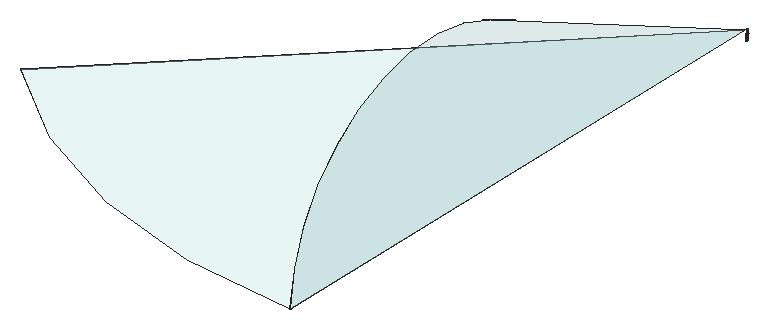
Revit family "Rotor 5000 Series - 5004FC", category Acessórios do tubo, Revit 2020
Family settings
  Cota do conector redondo = Utilizar diâmetro
  Tipo de parte = Normal
  Número OmniClass = 23.60.30.11.14
  Título OmniClass = Pipework Fittings
  Com base no plano de trabalho = Não
  Sempre na vertical = Sim
  Corte com vazios quando carregada = Não
  Compartilhado = Não
Parameters (values of type "Rain Curtain 6.0")
  Water = Water
  URL = "https://www.rainbird.com/"
  TABLE 65 = "TABLE 65psi"
  TABLE 55 75 = "TABLE 55 75psi"
  TABLE 55 = "TABLE 55psi"
  TABLE 45 = "TABLE 45psi"
  TABLE 35 = "TABLE 35psi"
  TABLE 25 = "TABLE 25psi"
  SupportProjetos: Reviw Date = ""  # constant formula
  SupportProjetos: Reviw = "R00"  # constant formula
  SupportProjetos: Level of Detail = "LOD 300"  # constant formula
  SupportProjetos: Developed = "MICHEL SOARES MOTA"  # constant formula
  SupportProjetos: Creation Date = "07/08/2020"  # constant formula
  Side inlet = no
  Rotation Water Visibility [instance] = Pop up on  # yes
  Rotation Angle [instance] = 45.00°
  RainBird: Product Link = "https://www.rainbird.com/"
  RainBird: Description = "5004FC Rotor "  # constant formula
  RainBird: Comment [instance] = ""
  RainBird: Code = "Y54017"  # constant formula
  Radius [instance] = if(and(Pressure = 25.0 psi, Instance < 25 ft), size_lookup(TABLE 25, "Radius", 0 ft, Instance), if(and(Pressure = 35.0 psi, Instance < 25 ft), size_lookup(TABLE 35, "Radius", 0 ft, Instance), if(and(Pressure = 45.0 psi, Instance < 25 ft), size_lookup(TABLE 45, "Radius", 0 ft, Instance), if(and(Pressure = 55.0 psi, Instance < 13 ft), size_lookup(TABLE 55, "Radius", 0 ft, Instance), if(and(Pressure = 65.0 psi, Instance < 13 ft), size_lookup(TABLE 65, "Radius", 0 ft, Instance), if(and(Pressure > 55.0 psi, Instance > 13 ft), size_lookup(TABLE 55 75, "Radius", 0 ft, Instance), 0 ft))))))  # 50 ft
  RT = 0.009893 ft
  RN = 0.032808 ft
  R5 = 0.03937 ft
  R4 = 0.04101 ft
  R3 = 0.065617 ft
  R2 = 0.075407 ft
  R1 = 0.032808 ft
  Pressure [instance] = 55.0 psi
  Pop up height = 0.334646 ft
  Pop up on [instance] = yes
  Modelo = "5004FC"  # constant formula
  Instance = 7 ft
  H1 = Body height / 3  # 0.194663 ft
  Flow [instance] = if(and(Pressure = 25.0 psi, Instance < 25 ft), size_lookup(TABLE 25, "Flow", 0.0 GPM, Instance), if(and(Pressure = 35.0 psi, Instance < 25 ft), size_lookup(TABLE 35, "Flow", 0.0 GPM, Instance), if(and(Pressure = 45.0 psi, Instance < 25 ft), size_lookup(TABLE 45, "Flow", 0.0 GPM, Instance), if(and(Pressure = 55.0 psi, Instance < 13 ft), size_lookup(TABLE 55, "Flow", 0.0 GPM, Instance), if(and(Pressure = 65.0 psi, Instance < 13 ft), size_lookup(TABLE 65, "Flow", 0.0 GPM, Instance), if(and(Pressure > 55.0 psi, Instance > 13 ft), size_lookup(TABLE 55 75, "Flow", 0.0 GPM, Instance), 0.0 GPM))))))  # 6.63 GPM
  Fabricante = "Rain Bird"
  Elevação padrão = 0 ft
  Description = RainBird: Description  # "5004FC Rotor "
  DD13 = 0.002625 ft
  DD12 = 0.003937 ft
  DD11 = 0.009897 ft
  DD10 = 0.016404 ft
  DD8 [instance] = if(Pop up on, Pop up height, 0 ft)  # 0.334646 ft
  DD7 = 0.019685 ft
  DD6 [instance] = 0.016404 ft
  DD5 = 0.065617 ft
  DD4 = 0.032808 ft
  DD3 = 0.091048 ft
  DD2 [instance] = 0.024514 ft
  DD9 [instance] = if(Pop up on, Pop up height + 0.049541 ft, 0 ft)  # 0.384186 ft
  DD1 = 0.006562 ft
  Conection = 0.062664 ft  # constant formula
  Body height = 0.58399 ft
  Blue = Blue Plastic
  Black Plastic = Black Plastic
  Angle = 25.00°
Types (25, lengths in ft): name | Rotation Angle | Radius | Pressure | Instance | Flow
  (no name) | 45.00° | 50 | 55.0 psi | 7 | 6.63 GPM
  Rain Curtain 1.5 | 180.00° | 33 | 25.0 psi | 1 | 1.12 GPM
  Rain Curtain 2.0 | 180.00° | 35 | 25.0 psi | 2 | 1.5 GPM
  Rain Curtain 3.0 | 180.00° | 36 | 25.0 psi | 4 | 2.26 GPM
  Rain Curtain 4.0 | 180.00° | 36 | 25.0 psi | 5 | 2.91 GPM
  Rain Curtain 5.0 | 180.00° | 37 | 25.0 psi | 6 | 3.72 GPM
  Rain Curtain 6.0 | 45.00° | 50 | 55.0 psi | 7 | 6.63 GPM
  Rain Curtain 8.0 | 180.00° | 33 | 25.0 psi | 8 | 5.9 GPM
  Rain Curtain 2.5 | 180.00° | 35 | 25.0 psi | 3 | 1.81 GPM
  1.0 LA | 180.00° | 25 | 25.0 psi | 9 | 0.76 GPM
  1.5 LA | 180.00° | 27 | 25.0 psi | 10 | 1.15 GPM
  2.0 LA | 180.00° | 29 | 25.0 psi | 11 | 1.47 GPM
  3.0 LA | 180.00° | 29 | 25.0 psi | 12 | 2.23 GPM
  PRS Rain Curtain 1.5 | 180.00° | 33 | 25.0 psi | 13 | 1.12 GPM
  PRS Rain Curtain 2.0 | 180.00° | 35 | 25.0 psi | 14 | 1.5 GPM
  PRS Rain Curtain 2.5 | 180.00° | 35 | 25.0 psi | 15 | 1.81 GPM
  PRS Rain Curtain 3.0 | 180.00° | 36 | 25.0 psi | 16 | 2.26 GPM
  PRS Rain Curtain 4.0 | 180.00° | 36 | 25.0 psi | 17 | 2.91 GPM
  PRS Rain Curtain 5.0 | 180.00° | 37 | 25.0 psi | 18 | 3.72 GPM
  PRS Rain Curtain 6.0 | 180.00° | 37 | 25.0 psi | 19 | 4.25 GPM
  PRS Rain Curtain 8.0 | 180.00° | 33 | 25.0 psi | 20 | 5.9 GPM
  PRS 1.0 LA | 180.00° | 25 | 25.0 psi | 21 | 0.76 GPM
  PRS 1.5 LA | 180.00° | 27 | 25.0 psi | 22 | 1.15 GPM
  PRS 2.0 LA | 180.00° | 29 | 25.0 psi | 23 | 1.47 GPM
  PRS 3.0 LA | 180.00° | 29 | 25.0 psi | 24 | 2.23 GPM
Reference planes (ft)
  plane 1 "Centro (Frente/Trás)": y = 0
  plane 2: z = 0
  plane 3 "Centro (Esquerda/Direita)": x = 0
  plane 4: z = 0.003937
  plane 5: z = 0.002625
  plane 6: y = -0.065617
Forms (ft)
  Revolve 1, solid, material "Black Plastic" <- "Black Plastic"
    sketch origin (0, 0, 0) x (1, 0, 0) y (0, 0, 1)
      loop
        line (0.075407, -0.091048) -> (0.075407, -0.035324)
        arc (0.075407, -0.035324) -> (0.072509, -0.028329) -> (0.065514, -0.025431) r 0.009893
        line (0.065514, -0.025431) -> (0.046098, -0.025431) -> (0.046098, 0) -> (0.03937, 0) -> (0.03937, -0.334646) -> (0.019685, -0.334646) -> (0.019685, -0.577428) -> (0.032808, -0.577428) -> (0.032808, -0.58399) -> (0.04101, -0.58399) -> (0.04101, -0.577428) -> (0.055724, -0.577428)
        arc (0.055724, -0.577428) -> (0.062719, -0.57453) -> (0.065617, -0.567535) r 0.009893
        line (0.065617, -0.567535) -> (0.065617, -0.091048) -> (0.075407, -0.091048)
      axis (0, -0.58399) -> (0, 0)
    angle from 0 to 360
  Extrusion 2, solid, material "Black Plastic" <- "Black Plastic"
    sketch origin (0, 0, 0) x (1, 0, 0) y (0, 1, 0)
      loop
        circle (0, 0) r 0.032808
    from -0.334646 to 0.334646
  Extrusion 3, void
    sketch origin (0, 0, 0) x (1, 0, 0) y (0, 1, 0)
      loop
        circle (0, 0) r 0.022844
    from -0.334646 to 0.334646
  Revolve 4, solid, material "Black Plastic" <- "Black Plastic"
    sketch origin (0, 0, 0) x (1, 0, 0) y (0, 0, 1)
      loop
        line (0, 0.334646) -> (0.037004, 0.334646) -> (0.037004, 0.344543)
        arc (0.037004, 0.344543) -> (0.01879, 0.349436) -> (0, 0.35105) r 0.10685
        line (0, 0.35105) -> (0, 0.334646)
      axis (0, 0.334646) -> (0, 0.35105)
    angle from 0 to 360
  Extrusion 5, solid, material "Blue Plastic" <- "Blue"
    sketch origin (0, 0, 0) x (1, 0, 0) y (0, 0, 1)
      loop
        circle (0, 0.310131) r 0.009129
      loop
        circle (0, 0.310131) r 0.004793
    from 0 to 0.034386
  Extrusion 6, void
    sketch origin (0, 0, 0) x (1, 0, 0) y (0, 0, 1)
      loop
        line (-0.02074, 0.328055) -> (-0.02074, 0.282426) -> (0.020672, 0.282426) -> (0.020672, 0.328055) -> (-0.02074, 0.328055)
      loop
        line (-0.018439, 0.325179) -> (-0.018439, 0.285685) -> (0.018179, 0.285685) -> (0.018179, 0.325179) -> (-0.018439, 0.325179)
    from 0.024556 to 0.06931
  Extrusion 7, solid, material "Black Plastic" <- "Black Plastic"
    sketch origin (0, 0, 0) x (1, 0, 0) y (0, 0, 1)
      loop
        line (0.046098, 0) -> (0.046098, -0.036876) -> (0.073493, -0.036876) -> (0.046098, 0)
    from -0.002998 to 0.002998
  Extrusion 8, solid, material "Black Plastic" <- "Black Plastic"
    sketch origin (0, 0, 0) x (-1, 0, 0) y (0, 0, -1)
      loop
        line (0.046098, 0) -> (0.073493, 0.036876) -> (0.046098, 0.036876) -> (0.046098, 0)
    from -0.002998 to 0.002998
  Extrusion 9, solid, material "Black Plastic" <- "Black Plastic"
    sketch origin (0, 0, 0) x (0.866025, 0.5, 0) y (0, 0, 1)
      loop
        line (0.046098, 0) -> (0.046098, -0.036876) -> (0.073493, -0.036876) -> (0.046098, 0)
    from -0.002998 to 0.002998
  Extrusion 10, solid, material "Black Plastic" <- "Black Plastic"
    sketch origin (0, 0, 0) x (-0.866025, -0.5, 0) y (0, 0, -1)
      loop
        line (0.046098, 0) -> (0.073493, 0.036876) -> (0.046098, 0.036876) -> (0.046098, 0)
    from -0.002998 to 0.002998
  Extrusion 11, solid, material "Black Plastic" <- "Black Plastic"
    sketch origin (0, 0, 0) x (0, 1, 0) y (0, 0, 1)
      loop
        line (0.046098, 0) -> (0.046098, -0.036876) -> (0.073493, -0.036876) -> (0.046098, 0)
    from -0.002998 to 0.002998
  Extrusion 12, solid, material "Black Plastic" <- "Black Plastic"
    sketch origin (0, 0, 0) x (0, -1, 0) y (0, 0, -1)
      loop
        line (0.046098, 0) -> (0.073493, 0.036876) -> (0.046098, 0.036876) -> (0.046098, 0)
    from -0.002998 to 0.002998
  Extrusion 13, solid, material "Black Plastic" <- "Black Plastic"
    sketch origin (0, 0, 0) x (0.5, 0.866025, 0) y (0, 0, 1)
      loop
        line (0.046098, 0) -> (0.046098, -0.036876) -> (0.073493, -0.036876) -> (0.046098, 0)
    from -0.002998 to 0.002998
  Extrusion 14, solid, material "Black Plastic" <- "Black Plastic"
    sketch origin (0, 0, 0) x (-0.5, -0.866025, 0) y (0, 0, -1)
      loop
        line (0.046098, 0) -> (0.073493, 0.036876) -> (0.046098, 0.036876) -> (0.046098, 0)
    from -0.002998 to 0.002998
  Extrusion 15, solid, material "Black Plastic" <- "Black Plastic"
    sketch origin (0, 0, 0) x (-0.5, 0.866025, 0) y (0, 0, 1)
      loop
        line (0.046098, 0) -> (0.046098, -0.036876) -> (0.073493, -0.036876) -> (0.046098, 0)
    from -0.002998 to 0.002998
  Extrusion 16, solid, material "Black Plastic" <- "Black Plastic"
    sketch origin (0, 0, 0) x (0.5, -0.866025, 0) y (0, 0, -1)
      loop
        line (0.046098, 0) -> (0.073493, 0.036876) -> (0.046098, 0.036876) -> (0.046098, 0)
    from -0.002998 to 0.002998
  Extrusion 17, solid, material "Black Plastic" <- "Black Plastic"
    sketch origin (0, 0, 0) x (-0.866025, 0.5, 0) y (0, 0, 1)
      loop
        line (0.046098, 0) -> (0.046098, -0.036876) -> (0.073493, -0.036876) -> (0.046098, 0)
    from -0.002998 to 0.002998
  Extrusion 18, solid, material "Black Plastic" <- "Black Plastic"
    sketch origin (0, 0, 0) x (0.866025, -0.5, 0) y (0, 0, -1)
      loop
        line (0.046098, 0) -> (0.073493, 0.036876) -> (0.046098, 0.036876) -> (0.046098, 0)
    from -0.002998 to 0.002998
  Extrusion 19, void
    sketch origin (0, 0, 0) x (1, 0, 0) y (0, 1, 0)
      loop
        line (-0.002998, 0.077702) -> (-0.002998, 0.071655) -> (0.002998, 0.071655) -> (0.002998, 0.077702) -> (-0.002998, 0.077702)
    from -0.091048 to 0.82021
  Extrusion 20, void
    sketch origin (0, 0, 0) x (1, 0, 0) y (0, 1, 0)
      loop
        line (0.002998, -0.077702) -> (0.002998, -0.071655) -> (-0.002998, -0.071655) -> (-0.002998, -0.077702) -> (0.002998, -0.077702)
    from -0.091048 to 0.82021
  Extrusion 21, void
    sketch origin (0, 0, 0) x (0.965926, 0.258819, 0) y (-0.258819, 0.965926, 0)
      loop
        line (-0.002998, 0.077702) -> (-0.002998, 0.071655) -> (0.002998, 0.071655) -> (0.002998, 0.077702) -> (-0.002998, 0.077702)
    from -0.091048 to 0.82021
  Extrusion 22, void
    sketch origin (0, 0, 0) x (0.965926, 0.258819, 0) y (-0.258819, 0.965926, 0)
      loop
        line (0.002998, -0.077702) -> (0.002998, -0.071655) -> (-0.002998, -0.071655) -> (-0.002998, -0.077702) -> (0.002998, -0.077702)
    from -0.091048 to 0.82021
  Extrusion 23, void
    sketch origin (0, 0, 0) x (0.866025, 0.5, 0) y (-0.5, 0.866025, 0)
      loop
        line (-0.002998, 0.077702) -> (-0.002998, 0.071655) -> (0.002998, 0.071655) -> (0.002998, 0.077702) -> (-0.002998, 0.077702)
    from -0.091048 to 0.82021
  Extrusion 24, void
    sketch origin (0, 0, 0) x (0.866025, 0.5, 0) y (-0.5, 0.866025, 0)
      loop
        line (0.002998, -0.077702) -> (0.002998, -0.071655) -> (-0.002998, -0.071655) -> (-0.002998, -0.077702) -> (0.002998, -0.077702)
    from -0.091048 to 0.82021
  Extrusion 25, void
    sketch origin (0, 0, 0) x (0.5, 0.866025, 0) y (-0.866025, 0.5, 0)
      loop
        line (-0.002998, 0.077702) -> (-0.002998, 0.071655) -> (0.002998, 0.071655) -> (0.002998, 0.077702) -> (-0.002998, 0.077702)
    from -0.091048 to 0.82021
  Extrusion 26, void
    sketch origin (0, 0, 0) x (0.5, 0.866025, 0) y (-0.866025, 0.5, 0)
      loop
        line (0.002998, -0.077702) -> (0.002998, -0.071655) -> (-0.002998, -0.071655) -> (-0.002998, -0.077702) -> (0.002998, -0.077702)
    from -0.091048 to 0.82021
  Extrusion 27, void
    sketch origin (0, 0, 0) x (0.707107, 0.707107, 0) y (-0.707107, 0.707107, 0)
      loop
        line (-0.002998, 0.077702) -> (-0.002998, 0.071655) -> (0.002998, 0.071655) -> (0.002998, 0.077702) -> (-0.002998, 0.077702)
    from -0.091048 to 0.82021
  Extrusion 28, void
    sketch origin (0, 0, 0) x (0.707107, 0.707107, 0) y (-0.707107, 0.707107, 0)
      loop
        line (0.002998, -0.077702) -> (0.002998, -0.071655) -> (-0.002998, -0.071655) -> (-0.002998, -0.077702) -> (0.002998, -0.077702)
    from -0.091048 to 0.82021
  Extrusion 29, void
    sketch origin (0, 0, 0) x (0.258819, 0.965926, 0) y (-0.965926, 0.258819, 0)
      loop
        line (-0.002998, 0.077702) -> (-0.002998, 0.071655) -> (0.002998, 0.071655) -> (0.002998, 0.077702) -> (-0.002998, 0.077702)
    from -0.091048 to 0.82021
  Extrusion 30, void
    sketch origin (0, 0, 0) x (0.258819, 0.965926, 0) y (-0.965926, 0.258819, 0)
      loop
        line (0.002998, -0.077702) -> (0.002998, -0.071655) -> (-0.002998, -0.071655) -> (-0.002998, -0.077702) -> (0.002998, -0.077702)
    from -0.091048 to 0.82021
  Extrusion 31, void
    sketch origin (0, 0, 0) x (0, 1, 0) y (-1, 0, 0)
      loop
        line (-0.002998, 0.077702) -> (-0.002998, 0.071655) -> (0.002998, 0.071655) -> (0.002998, 0.077702) -> (-0.002998, 0.077702)
    from -0.091048 to 0.82021
  Extrusion 32, void
    sketch origin (0, 0, 0) x (0, 1, 0) y (-1, 0, 0)
      loop
        line (0.002998, -0.077702) -> (0.002998, -0.071655) -> (-0.002998, -0.071655) -> (-0.002998, -0.077702) -> (0.002998, -0.077702)
    from -0.091048 to 0.82021
  Extrusion 33, void
    sketch origin (0, 0, 0) x (-0.258819, 0.965926, 0) y (-0.965926, -0.258819, 0)
      loop
        line (-0.002998, 0.077702) -> (-0.002998, 0.071655) -> (0.002998, 0.071655) -> (0.002998, 0.077702) -> (-0.002998, 0.077702)
    from -0.091048 to 0.82021
  Extrusion 34, void
    sketch origin (0, 0, 0) x (-0.258819, 0.965926, 0) y (-0.965926, -0.258819, 0)
      loop
        line (0.002998, -0.077702) -> (0.002998, -0.071655) -> (-0.002998, -0.071655) -> (-0.002998, -0.077702) -> (0.002998, -0.077702)
    from -0.091048 to 0.82021
  Extrusion 35, void
    sketch origin (0, 0, 0) x (-0.5, 0.866025, 0) y (-0.866025, -0.5, 0)
      loop
        line (-0.002998, 0.077702) -> (-0.002998, 0.071655) -> (0.002998, 0.071655) -> (0.002998, 0.077702) -> (-0.002998, 0.077702)
    from -0.091048 to 0.82021
  Extrusion 36, void
    sketch origin (0, 0, 0) x (-0.5, 0.866025, 0) y (-0.866025, -0.5, 0)
      loop
        line (0.002998, -0.077702) -> (0.002998, -0.071655) -> (-0.002998, -0.071655) -> (-0.002998, -0.077702) -> (0.002998, -0.077702)
    from -0.091048 to 0.82021
  Extrusion 37, void
    sketch origin (0, 0, 0) x (-0.707107, 0.707107, 0) y (-0.707107, -0.707107, 0)
      loop
        line (-0.002998, 0.077702) -> (-0.002998, 0.071655) -> (0.002998, 0.071655) -> (0.002998, 0.077702) -> (-0.002998, 0.077702)
    from -0.091048 to 0.82021
  Extrusion 38, void
    sketch origin (0, 0, 0) x (-0.707107, 0.707107, 0) y (-0.707107, -0.707107, 0)
      loop
        line (0.002998, -0.077702) -> (0.002998, -0.071655) -> (-0.002998, -0.071655) -> (-0.002998, -0.077702) -> (0.002998, -0.077702)
    from -0.091048 to 0.82021
  Extrusion 39, void
    sketch origin (0, 0, 0) x (-0.866025, 0.5, 0) y (-0.5, -0.866025, 0)
      loop
        line (-0.002998, 0.077702) -> (-0.002998, 0.071655) -> (0.002998, 0.071655) -> (0.002998, 0.077702) -> (-0.002998, 0.077702)
    from -0.091048 to 0.82021
  Extrusion 40, void
    sketch origin (0, 0, 0) x (-0.866025, 0.5, 0) y (-0.5, -0.866025, 0)
      loop
        line (0.002998, -0.077702) -> (0.002998, -0.071655) -> (-0.002998, -0.071655) -> (-0.002998, -0.077702) -> (0.002998, -0.077702)
    from -0.091048 to 0.82021
  Extrusion 41, void
    sketch origin (0, 0, 0) x (-0.965926, 0.258819, 0) y (-0.258819, -0.965926, 0)
      loop
        line (-0.002998, 0.077702) -> (-0.002998, 0.071655) -> (0.002998, 0.071655) -> (0.002998, 0.077702) -> (-0.002998, 0.077702)
    from -0.091048 to 0.82021
  Extrusion 42, void
    sketch origin (0, 0, 0) x (-0.965926, 0.258819, 0) y (-0.258819, -0.965926, 0)
      loop
        line (0.002998, -0.077702) -> (0.002998, -0.071655) -> (-0.002998, -0.071655) -> (-0.002998, -0.077702) -> (0.002998, -0.077702)
    from -0.091048 to 0.82021
  Extrusion 43, solid, material "Water" <- "Water", visible <- "Rotation Water Visibility"
    sketch origin (0, 0, 0) x (0, 1, 0) y (0, 0, 1)
      loop
        line (-0.032808, 0.310131) -> (-28.112196, 13.403765)
        arc (-28.112196, 13.403765) -> (-42.542576, 12.666347) -> (-50.032808, 0.310131) r 15.426605
        line (-50.032808, 0.310131) -> (-0.032808, 0.310131)
    from -0.008202 to 0.008202
Cuts and joins
  Extrusion 3, Extrusion 6 cuts Extrusion 2
  Extrusion 19, Extrusion 20, Extrusion 21, Extrusion 22, Extrusion 23, Extrusion 24, Extrusion 25, Extrusion 26, Extrusion 27, Extrusion 28, Extrusion 29, Extrusion 30, Extrusion 31, Extrusion 32, Extrusion 33, Extrusion 34, Extrusion 35, Extrusion 36, Extrusion 37, Extrusion 38, Extrusion 39, Extrusion 40, Extrusion 41, Extrusion 42 cuts Revolve 1
Dimensions and locks (ft)
  "Body height": level to Revolve 1 sketch curve
  "R2": Revolve 1 sketch curve to plane 3 "Centro (Esquerda/Direita)"
  "DD1": Revolve 1 sketch curve to Revolve 1 sketch curve
  "DD3": level to Revolve 1 sketch curve
  Revolve 1 sketch curve to plane 3 "Centro (Esquerda/Direita)" = 0.065617 ft
  "R4": Revolve 1 sketch curve to plane 3 "Centro (Esquerda/Direita)"
  "RN": Revolve 1 sketch curve to plane 3 "Centro (Esquerda/Direita)"
  "Pop up height": level to Revolve 1 sketch curve
  "R5": plane 3 "Centro (Esquerda/Direita)" to Revolve 1 sketch curve
  "DD7": Revolve 1 sketch curve to plane 3 "Centro (Esquerda/Direita)"
  "DD8": Extrusion 2 to level
  "DD12": plane 4 to level
  "DD13": plane 5 to level
  "R3": plane 6 to plane 1 "Centro (Frente/Trás)"
  "DD5": Revolve 1 sketch curve to Revolve 1 sketch curve
  "DD10": Revolve 4 sketch curve to Revolve 4 sketch curve
  "DD11": Revolve 4 sketch curve to Revolve 4 sketch curve
  "DD2": Revolve 4 to Extrusion 5 sketch curve  (x2)
  Extrusion 7 to plane 3 "Centro (Esquerda/Direita)" = 0.046098 ft
  equal spacing: Extrusion 7, plane 1 "Centro (Frente/Trás)", Extrusion 7
  Extrusion 8 to Extrusion 8 = 0.005995 ft
  Extrusion 9 to Extrusion 9 = 0.005995 ft
  Extrusion 20 sketch curve to Extrusion 20 sketch curve = 0.005995 ft
  Extrusion 22 sketch curve to Extrusion 22 sketch curve = 0.005995 ft
  Extrusion 24 sketch curve to Extrusion 24 sketch curve = 0.005995 ft
  Extrusion 26 sketch curve to Extrusion 26 sketch curve = 0.005995 ft
  Extrusion 28 sketch curve to Extrusion 28 sketch curve = 0.005995 ft
  Extrusion 30 sketch curve to Extrusion 30 sketch curve = 0.005995 ft
  Extrusion 32 sketch curve to Extrusion 32 sketch curve = 0.005995 ft
  Extrusion 34 sketch curve to Extrusion 34 sketch curve = 0.005995 ft
  Extrusion 36 sketch curve to Extrusion 36 sketch curve = 0.005995 ft
  Extrusion 38 sketch curve to Extrusion 38 sketch curve = 0.005995 ft
  Extrusion 40 sketch curve to Extrusion 40 sketch curve = 0.005995 ft
  Extrusion 42 sketch curve to Extrusion 42 sketch curve = 0.005995 ft
  "DD4": plane 1 "Centro (Frente/Trás)" to Extrusion 43 sketch curve
  "DD2": Revolve 4 to Extrusion 43 sketch curve
  "Radius": Extrusion 43 sketch curve to Extrusion 43 sketch curve
  equal spacing: Extrusion 43, plane 3 "Centro (Esquerda/Direita)", Extrusion 43
  "DD6": Extrusion 43 to Extrusion 43
  "DD2": Revolve 4 to nested 1
  "RT": radius of Revolve 1 sketch curve  (x2)
  "R1": radius of Extrusion 2 sketch curve
  "Angle": angle Extrusion 43 sketch curve to Extrusion 43 sketch curve
  aligned and locked: level to plane 2
  aligned and locked: Revolve 1 sketch curve to Revolve 1 sketch curve
  aligned and locked: Extrusion 2 to Revolve 1
  aligned and locked: cut or joined group of Extrusion 2, Extrusion 3, Extrusion 6 to cut or joined group of Extrusion 2, Extrusion 3, Extrusion 6  (x2)
  aligned and locked: Revolve 4 sketch curve to cut or joined group of Extrusion 2, Extrusion 3, Extrusion 6
  aligned and locked: Extrusion 20 to Revolve 1
  aligned and locked: Extrusion 22 to Revolve 1
  aligned and locked: Extrusion 24 to Revolve 1
  aligned and locked: Extrusion 28 to Revolve 1
  aligned and locked: Extrusion 26 to Revolve 1
  aligned and locked: Extrusion 30 to Revolve 1
  aligned and locked: Extrusion 32 to Revolve 1
  aligned and locked: Extrusion 34 to Revolve 1
  aligned and locked: Revolve 1 to Extrusion 36
  aligned and locked: Revolve 1 to Extrusion 38
  aligned and locked: Extrusion 41 to Revolve 1
  aligned and locked: Extrusion 39 to Revolve 1
  aligned and locked: Extrusion 37 to Revolve 1
  aligned and locked: Extrusion 35 to Revolve 1
  aligned and locked: Extrusion 33 to Revolve 1
  aligned and locked: Extrusion 31 to Revolve 1
  aligned and locked: Extrusion 29 to Revolve 1
  aligned and locked: Revolve 1 to Extrusion 25
  aligned and locked: Revolve 1 to Extrusion 27
  aligned and locked: Revolve 1 to Extrusion 19
  aligned and locked: Revolve 1 to Extrusion 21
  aligned and locked: Revolve 1 to Extrusion 42
  aligned and locked: Revolve 1 to Extrusion 40
  aligned and locked: Revolve 1 to Extrusion 23
Automatic sketch dimensions
  plane 1 "Centro (Frente/Trás)" to Extrusion 2 sketch curve = 0 ft
  Extrusion 2 sketch curve to plane 3 "Centro (Esquerda/Direita)" = 0 ft
  plane 1 "Centro (Frente/Trás)" to Extrusion 3 sketch curve = 0 ft
  Extrusion 3 sketch curve to plane 3 "Centro (Esquerda/Direita)" = 0 ft
  Revolve 4 sketch curve to plane 3 "Centro (Esquerda/Direita)" = 0 ft  (x2)
  plane 3 "Centro (Esquerda/Direita)" to Revolve 4 sketch curve = 0.000284 ft
  plane 3 "Centro (Esquerda/Direita)" to Revolve 4 sketch curve = 0.037004 ft
  Revolve 4 sketch curve to Revolve 4 sketch curve = 0.015719 ft
  Revolve 4 sketch curve to Revolve 4 sketch curve = 0.114829 ft
  Extrusion 5 sketch curve to Extrusion 5 sketch curve = 0 ft
  Extrusion 5 sketch curve to plane 3 "Centro (Esquerda/Direita)" = 0 ft
  Extrusion 6 sketch curve to plane 3 "Centro (Esquerda/Direita)" = 0.02074 ft
  Extrusion 6 sketch curve to Extrusion 6 sketch curve = 0.002301 ft
  plane 3 "Centro (Esquerda/Direita)" to Extrusion 6 sketch curve = 0.018179 ft
  Extrusion 6 sketch curve to Extrusion 6 sketch curve = 0.002492 ft
  plane 4 to Extrusion 6 sketch curve = 0.278489 ft
  Extrusion 6 sketch curve to Extrusion 6 sketch curve = 0.003259 ft
  Extrusion 6 sketch curve to Extrusion 6 sketch curve = 0.039494 ft
  Extrusion 6 sketch curve to Extrusion 6 sketch curve = 0.002876 ft
  Extrusion 7 sketch curve to level = 0 ft
  plane 3 "Centro (Esquerda/Direita)" to Extrusion 7 sketch curve = 0.046098 ft
  Extrusion 7 sketch curve to Extrusion 7 sketch curve = 0.027396 ft
  Extrusion 7 sketch curve to Extrusion 7 sketch curve = 0.036876 ft
  Extrusion 8 sketch curve to level = 0 ft
  plane 3 "Centro (Esquerda/Direita)" to Extrusion 8 sketch curve = 0.046098 ft
  Extrusion 8 sketch curve to Extrusion 8 sketch curve = 0.027396 ft
  Extrusion 8 sketch curve to Extrusion 8 sketch curve = 0.036876 ft
  Extrusion 9 sketch curve to level = 0 ft
  Extrusion 9 sketch curve to level = 0.036876 ft
  Extrusion 9 sketch curve to Extrusion 9 sketch curve = 0.027396 ft
  Extrusion 10 sketch curve to level = 0 ft
  Extrusion 10 sketch curve to level = 0.036876 ft
  Extrusion 10 sketch curve to Extrusion 10 sketch curve = 0.027396 ft
  Extrusion 11 sketch curve to level = 0 ft
  Extrusion 11 sketch curve to plane 1 "Centro (Frente/Trás)" = 0.046098 ft
  Extrusion 11 sketch curve to Extrusion 11 sketch curve = 0.027396 ft
  Extrusion 11 sketch curve to Extrusion 11 sketch curve = 0.036876 ft
  Extrusion 12 sketch curve to level = 0 ft
  plane 6 to Extrusion 12 sketch curve = 0.019519 ft
  Extrusion 12 sketch curve to plane 6 = 0.007877 ft
  Extrusion 12 sketch curve to level = 0.036876 ft
  Extrusion 13 sketch curve to level = 0 ft
  Extrusion 13 sketch curve to level = 0.036876 ft
  Extrusion 13 sketch curve to Extrusion 13 sketch curve = 0.027396 ft
  Extrusion 14 sketch curve to level = 0 ft
  Extrusion 14 sketch curve to level = 0.036876 ft
  Extrusion 14 sketch curve to Extrusion 14 sketch curve = 0.027396 ft
  level to Extrusion 15 sketch curve = 0 ft
  Extrusion 15 sketch curve to level = 0.036876 ft
  Extrusion 15 sketch curve to Extrusion 15 sketch curve = 0.027396 ft
  level to Extrusion 16 sketch curve = 0 ft
  Extrusion 16 sketch curve to level = 0.036876 ft
  Extrusion 16 sketch curve to Extrusion 16 sketch curve = 0.027396 ft
  level to Extrusion 17 sketch curve = 0 ft
  Extrusion 17 sketch curve to level = 0.036876 ft
  Extrusion 17 sketch curve to Extrusion 17 sketch curve = 0.027396 ft
  level to Extrusion 18 sketch curve = 0 ft
  Extrusion 18 sketch curve to level = 0.036876 ft
  Extrusion 18 sketch curve to Extrusion 18 sketch curve = 0.027396 ft
  Extrusion 19 sketch curve to plane 3 "Centro (Esquerda/Direita)" = 0.002998 ft
  Extrusion 19 sketch curve to plane 1 "Centro (Frente/Trás)" = 0.071655 ft
  Extrusion 19 sketch curve to Extrusion 19 sketch curve = 0.006047 ft
  plane 3 "Centro (Esquerda/Direita)" to Extrusion 20 sketch curve = 0.002998 ft
  plane 6 to Extrusion 20 sketch curve = 0.006038 ft
  Extrusion 20 sketch curve to Extrusion 20 sketch curve = 0.006047 ft
  plane 3 "Centro (Esquerda/Direita)" to Extrusion 19 sketch curve = 0.002998 ft
  Extrusion 21 sketch curve to plane 3 "Centro (Esquerda/Direita)" = 0.021441 ft
  Extrusion 21 sketch curve to plane 1 "Centro (Frente/Trás)" = 0.068438 ft
  Extrusion 21 sketch curve to Extrusion 21 sketch curve = 0.005995 ft
  Extrusion 21 sketch curve to Extrusion 21 sketch curve = 0.006047 ft
  Extrusion 22 sketch curve to plane 6 = 0.010213 ft
  plane 3 "Centro (Esquerda/Direita)" to Extrusion 22 sketch curve = 0.017215 ft
  Extrusion 22 sketch curve to Extrusion 22 sketch curve = 0.006047 ft
  Extrusion 23 sketch curve to plane 3 "Centro (Esquerda/Direita)" = 0.038424 ft
  Extrusion 23 sketch curve to plane 1 "Centro (Frente/Trás)" = 0.060556 ft
  Extrusion 23 sketch curve to Extrusion 23 sketch curve = 0.005995 ft
  Extrusion 23 sketch curve to Extrusion 23 sketch curve = 0.006047 ft
  Extrusion 24 sketch curve to plane 6 = 0.003174 ft
  plane 3 "Centro (Esquerda/Direita)" to Extrusion 24 sketch curve = 0.036255 ft
  Extrusion 24 sketch curve to Extrusion 24 sketch curve = 0.006047 ft
  Extrusion 25 sketch curve to plane 1 "Centro (Frente/Trás)" = 0.033231 ft
  Extrusion 25 sketch curve to plane 3 "Centro (Esquerda/Direita)" = 0.063554 ft
  Extrusion 25 sketch curve to Extrusion 25 sketch curve = 0.005995 ft
  Extrusion 25 sketch curve to Extrusion 25 sketch curve = 0.006047 ft
  Extrusion 26 sketch curve to plane 6 = 0.02417 ft
  Extrusion 26 sketch curve to plane 3 "Centro (Esquerda/Direita)" = 0.065793 ft
  Extrusion 26 sketch curve to Extrusion 26 sketch curve = 0.006047 ft
  Extrusion 27 sketch curve to plane 1 "Centro (Frente/Trás)" = 0.048548 ft
  Extrusion 27 sketch curve to plane 3 "Centro (Esquerda/Direita)" = 0.052787 ft
  Extrusion 27 sketch curve to Extrusion 27 sketch curve = 0.005995 ft
  Extrusion 27 sketch curve to Extrusion 27 sketch curve = 0.006047 ft
  plane 6 to Extrusion 28 sketch curve = 0.008554 ft
  plane 3 "Centro (Esquerda/Direita)" to Extrusion 28 sketch curve = 0.052824 ft
  Extrusion 28 sketch curve to Extrusion 28 sketch curve = 0.006047 ft
  Extrusion 29 sketch curve to plane 1 "Centro (Frente/Trás)" = 0.01565 ft
  Extrusion 29 sketch curve to plane 3 "Centro (Esquerda/Direita)" = 0.069989 ft
  Extrusion 29 sketch curve to Extrusion 29 sketch curve = 0.005995 ft
  Extrusion 29 sketch curve to Extrusion 29 sketch curve = 0.006047 ft
  plane 1 "Centro (Frente/Trás)" to Extrusion 30 sketch curve = 0.023006 ft
  plane 3 "Centro (Esquerda/Direita)" to Extrusion 30 sketch curve = 0.074278 ft
  Extrusion 30 sketch curve to Extrusion 30 sketch curve = 0.006047 ft
  plane 1 "Centro (Frente/Trás)" to Extrusion 31 sketch curve = 0.002998 ft
  Extrusion 31 sketch curve to plane 1 "Centro (Frente/Trás)" = 0.002998 ft
  Extrusion 31 sketch curve to plane 3 "Centro (Esquerda/Direita)" = 0.071655 ft
  Extrusion 31 sketch curve to Extrusion 31 sketch curve = 0.006047 ft
  plane 1 "Centro (Frente/Trás)" to Extrusion 32 sketch curve = 0.002998 ft
  plane 3 "Centro (Esquerda/Direita)" to Extrusion 32 sketch curve = 0.077702 ft
  Extrusion 32 sketch curve to Extrusion 32 sketch curve = 0.006047 ft
  plane 1 "Centro (Frente/Trás)" to Extrusion 33 sketch curve = 0.021441 ft
  Extrusion 33 sketch curve to plane 3 "Centro (Esquerda/Direita)" = 0.068438 ft
  Extrusion 33 sketch curve to Extrusion 33 sketch curve = 0.005995 ft
  Extrusion 33 sketch curve to Extrusion 33 sketch curve = 0.006047 ft
  Extrusion 34 sketch curve to plane 1 "Centro (Frente/Trás)" = 0.017215 ft
  plane 3 "Centro (Esquerda/Direita)" to Extrusion 34 sketch curve = 0.07583 ft
  Extrusion 34 sketch curve to Extrusion 34 sketch curve = 0.006047 ft
  plane 6 to Extrusion 35 sketch curve = 0.027193 ft
  Extrusion 35 sketch curve to plane 3 "Centro (Esquerda/Direita)" = 0.060556 ft
  Extrusion 35 sketch curve to Extrusion 35 sketch curve = 0.005995 ft
  Extrusion 35 sketch curve to Extrusion 35 sketch curve = 0.006047 ft
  Extrusion 36 sketch curve to plane 1 "Centro (Frente/Trás)" = 0.036255 ft
  plane 3 "Centro (Esquerda/Direita)" to Extrusion 36 sketch curve = 0.068791 ft
  Extrusion 36 sketch curve to Extrusion 36 sketch curve = 0.006047 ft
  plane 6 to Extrusion 37 sketch curve = 0.012829 ft
  Extrusion 37 sketch curve to plane 3 "Centro (Esquerda/Direita)" = 0.048548 ft
  Extrusion 37 sketch curve to Extrusion 37 sketch curve = 0.005995 ft
  Extrusion 37 sketch curve to Extrusion 37 sketch curve = 0.006047 ft
  Extrusion 38 sketch curve to plane 1 "Centro (Frente/Trás)" = 0.052824 ft
  plane 3 "Centro (Esquerda/Direita)" to Extrusion 38 sketch curve = 0.057063 ft
  Extrusion 38 sketch curve to Extrusion 38 sketch curve = 0.006047 ft
  plane 6 to Extrusion 39 sketch curve = 0.002063 ft
  Extrusion 39 sketch curve to plane 3 "Centro (Esquerda/Direita)" = 0.033231 ft
  Extrusion 39 sketch curve to Extrusion 39 sketch curve = 0.005995 ft
  Extrusion 39 sketch curve to Extrusion 39 sketch curve = 0.006047 ft
  plane 3 "Centro (Esquerda/Direita)" to Extrusion 40 sketch curve = 0.041447 ft
  Extrusion 40 sketch curve to plane 1 "Centro (Frente/Trás)" = 0.065793 ft
  Extrusion 40 sketch curve to Extrusion 40 sketch curve = 0.006047 ft
  Extrusion 41 sketch curve to plane 6 = 0.004372 ft
  Extrusion 41 sketch curve to plane 3 "Centro (Esquerda/Direita)" = 0.01565 ft
  Extrusion 41 sketch curve to Extrusion 41 sketch curve = 0.005995 ft
  Extrusion 41 sketch curve to Extrusion 41 sketch curve = 0.006047 ft
  plane 3 "Centro (Esquerda/Direita)" to Extrusion 42 sketch curve = 0.023006 ft
  Extrusion 42 sketch curve to plane 1 "Centro (Frente/Trás)" = 0.074278 ft
  Extrusion 42 sketch curve to Extrusion 42 sketch curve = 0.006047 ft
  Revolve 1 sketch curve to plane 3 "Centro (Esquerda/Direita)" = 0 ft
  Revolve 1 sketch curve to level = 0 ft
  Revolve 1 sketch curve to Revolve 1 sketch curve = 0.019416 ft
  plane 4 to Revolve 1 sketch curve = 0.079347 ft
  Revolve 1 sketch curve to Revolve 1 sketch curve = 0.918635 ft
  Extrusion 43 sketch curve to level = 0.577487 ft
  radius of Extrusion 3 sketch curve = 0.022844 ft
  radius of Extrusion 5 sketch curve = 0.009129 ft
  radius of Extrusion 5 sketch curve = 0.004793 ft
Nested families (ft)
  nested 1: "Water" at (0.000015, 0, 0.190873) x (0, -1, 0) z (0, 0, 1), DT9 <- "DD4", Radius <- "Radius", visible <- "Rotation Water Visibility", Rotation Angle <- "Rotation Angle", type "Water"
    with Rotation Angle 45.00°, Radius 50 ft, DT9 0.032808 ft, DT8 0 ft, DT7 200 ft, DT4 250 ft, Angle 2 315.00°
Connectors (ft)
  piping at (0, 0, -0.58399), diameter 2
    settings: on cut or joined group of Revolve 1, Extrusion 19, Extrusion 20, Extrusion 21, Extrusion 22, Extrusion 23, Extrusion 24, Extrusion 25, Extrusion 26, Extrusion 27, Extrusion 28, Extrusion 29, Extrusion 30, Extrusion 31, Extrusion 32, Extrusion 33, Extrusion 34, Extrusion 35, Extrusion 36, Extrusion 37, Extrusion 38, Extrusion 39, Extrusion 40, Extrusion 41, Extrusion 42, index 1, connector inside diameter 609.6 mm, connector length 0 ft, flow factor 0, pipe flow 0.0 GPM, pressure drop 0.0 psi, fitting loss kfactor 0, connector angle 0.00°, fixture units 0, engagement length 0 ft, angle of deflection 0.00°, flow configuration 0, flow direction 0, fitting loss method 0, system type 28, joint type 0, gender type 0, connector reference index -1, connector utility 0, adjustable connector no, is connector primary yes, connector description ""
Definition of nested family "Water"
  Parameters (values of type "Water")
    Water Visibility (Circle) = yes
    Water = none
    URL = ""
    SupportProjetos: Reviw Date = ""  # constant formula
    SupportProjetos: Level of Detail = "LOD 300"  # constant formula
    SupportProjetos: Developed = "MICHEL SOARES MOTA"  # constant formula
    SupportProjetos: Creation Date = "16/07/2020"  # constant formula
    Rotation Angle [instance] = 90.00°
    Reviw = "R00"  # constant formula
    Radius [instance] = 14 ft
    Model = ""
    Default Elevation = 4 ft
    Description = ""
    DT9 [instance] = 0.032808 ft
    DT8 [instance] = if(Rotation Angle = 360.00°, 10 ft, 0 ft)  # 0 ft
    DT7 [instance] = 4 * Radius  # 56 ft
    DT4 [instance] = 5 * Radius  # 70 ft
    DT2 = 0.098425 ft  # constant formula
    DT6 = 0 ft
    Angle 2 [instance] = if(Rotation Angle = 360.00°, 180.00°, 360.00° - Rotation Angle)  # 270.00°
  Reference planes (ft)
    plane 1 "Centro (Frente/Trás)": y = 0
    plane 2: z = 0
    plane 3 "Centro (Esquerda/Direita)": x = 0
  Forms (ft)
    Revolve 1, solid, material <- "Water", visible <- "Water Visibility (Circle)"
      sketch origin (0, 0, 0) x (1, 0, 0) y (0, 0, 1)
        loop
          line (0.032808, 0.098425) -> (14.032808, 0.098425) -> (14.032808, 0.119259) -> (0.032808, 0.119259) -> (0.032808, 0.098425)
        axis (0, 0.098425) -> (0, 0.119259)
      angle from 0 to 360
    Extrusion 2, void
      sketch origin (0, 0, 0) x (1, 0, 0) y (0, 1, 0)
        loop
          line (0, 0) -> (70, 0) -> (70, 56)
          arc (70, 56) -> (-70.459018, 51.588344) -> (0, -70) r 81.847109
          line (0, -70) -> (0, 0)
      from 0 to 15.189231
  Cuts and joins
    Extrusion 2 cuts Revolve 1
  Dimensions and locks (ft)
    "DT2": Revolve 1 sketch curve to level
    "DT4": Extrusion 2 sketch curve to Extrusion 2 sketch curve  (x2)
    "DT6": Extrusion 2 sketch curve to plane 3 "Centro (Esquerda/Direita)"
    "DT7": Extrusion 2 sketch curve to Extrusion 2 sketch curve
    "DT8": cut or joined group of Revolve 1, Extrusion 2 to level
    "Radius": Revolve 1 sketch curve to Revolve 1 sketch curve
    "DT9": Revolve 1 sketch curve to plane 3 "Centro (Esquerda/Direita)"
    "Angle 2": angle Extrusion 2 sketch curve to Extrusion 2 sketch curve
    aligned and locked: level to plane 2
    aligned and locked: plane 1 "Centro (Frente/Trás)" to Extrusion 2 sketch curve
  Automatic sketch dimensions
    plane 3 "Centro (Esquerda/Direita)" to Extrusion 2 sketch curve = 1.088227 ft
    Revolve 1 sketch curve to plane 3 "Centro (Esquerda/Direita)" = 0 ft
    Revolve 1 sketch curve to Revolve 1 sketch curve = 0.020833 ft
    Revolve 1 sketch curve to Revolve 1 sketch curve = 0.032113 ft
    Revolve 1 sketch curve to Revolve 1 sketch curve = 10.2693 ft
